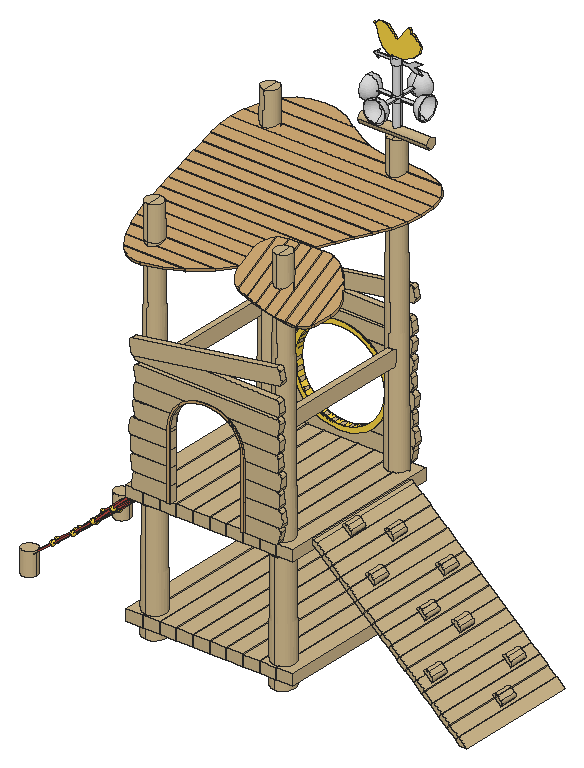
Revit family "L-FUP_놀이대_BNM-06A_예건", category 일반 모델, Revit 2019
Family settings
  보강 철근 호스트 가능 = 아니오
  원형 커넥터 치수 = 지름 사용
  부품 유형 = 보통
  작업 기준면 기반 = 아니오
  항상 수직 = 예
  로드될 때 보이드를 사용하여 절단 = 아니오
  공유 = 아니오
  룸 계산 점 = 아니오
Parameters
  한국산업규격KS = ""
  조달청표준공사코드-세부공종 = "22480925"
  건설정보분류체계-부위분류 = "E94345"
  LIM_INFO_주의사항 = "재배포, 재가공, 판매 금지"
  LIM_INFO_제품업체 = "예건"
  LIM_INFO_제품번호 = "BNM-06A"
  LIM_INFO_제품명 = "카나리아놀이대_BNM-06A"
  LIM_INFO_제작일 = "2021.12."
  LIM_INFO_재료 = "아까시 목재, P. C, P.E, Rope"
  LIM_INFO_업체정보 = ""
  LIM_INFO_업체URL = "https://yekun.com/"
  LIM_INFO_업체TEL = "(+82)31-943-6114"
  LIM_INFO_업체EMAIL = "yekun@yekun.com"
  LIM_INFO_버전 = "2022_V01"
  LIM_INFO_기타정보 = "다채로운 색깔과 지속적으로 노래하는 습성의 카나리아를 모티브로 다양한 색상과 기능을 접목하여 아이들에게 꿈과 환상의 세계를 자극할 수 있도록 디자인"
  LIM_INFO_규격 = "W4000 x D3410 x H4800 / 안전거리 : 4470 x 4470 / 한계하강높이 : H1200"
  LIM_INFO_가격 = 0
  LIM_INFO_PV_포장재여부 = yes
  LIM_INFO_PV_면적 = 0.00 m²
  KBIMS_식별-버전 = ""
  KBIMS_식별-bSK등록번호 = ""
  KBIMS_보급정보-저작자 = "림인포테크_MMJ"
  KBIMS_보급정보-보급코드 = ""
Reference planes
  plane 1 "중심(앞/뒤)": y = 0
  plane 2: z = 0
  plane 3 "중심(왼쪽/오른쪽)": x = 0
Dimensions and locks
  aligned and locked: level to plane 2
Nested families
  nested 1: "BNM-06A 카나리아_base" at (0, 0, 0), type "BNM-06A 카나리아_base"
Definition of nested family "BNM-06A 카나리아_base"
  Reference planes
    plane 1 "중심(앞/뒤)": y = 0
    plane 2: z = 0
    plane 3 "중심(왼쪽/오른쪽)": x = 0
    plane 4: z = 2150
    plane 5: x = 2314.07
    plane 6: x = 2394.07
    plane 7: z = 1150
    plane 8: y = -3479.485
    plane 9: x = -132.398
    plane 10: x = 1307.602
    plane 11: through (-835.005, 1040, 953.108) normal (0.6947, 0, 0.7193)
    plane 12: through (-823.89, 1040, 964.618) normal (0.6947, 0, 0.7193)
    plane 13: through (-634.943, 1040, 1160.278) normal (0.6947, 0, 0.7193)
    plane 14: through (-623.829, 1040, 1171.787) normal (0.6947, 0, 0.7193)
    plane 15: through (-434.882, 1040, 1367.448) normal (0.6947, 0, 0.7193)
    plane 16: through (-423.767, 1040, 1378.957) normal (0.6947, 0, 0.7193)
    plane 17: through (-234.82, 1040, 1574.618) normal (0.6947, 0, 0.7193)
    plane 18: through (-223.706, 1040, 1586.127) normal (0.6947, 0, 0.7193)
    plane 19: through (-34.758, 1040, 1781.788) normal (0.6947, 0, 0.7193)
    plane 20: through (-23.644, 1040, 1793.297) normal (0.6947, 0, 0.7193)
    plane 21: through (154.189, 1040, 1977.448) normal (0.6947, 0, 0.7193)
    plane 22: y = 1040
    plane 23: y = 780
    plane 24: y = 520
    plane 25: y = 260
    plane 26: y = 1024
    plane 27: y = 764
    plane 28: y = 520
    plane 29: y = 504
    plane 30: y = 260
    plane 31: y = 244
    plane 32: y = 16
    plane 33: y = 16
    plane 34: y = 0
  Forms (mm)
    Extrusion 1, solid, detail levels fine
      sketch origin (0, 0, 0) x (1, 0, 0) y (0, 1, 0)
        loop
          circle (-44, 1040) r 68
        loop
          circle (-44, 0) r 68
      from 0 to 200
    Revolve 2, solid, detail levels fine
      sketch origin (2350.044, -5133.459, 18716.275) x (0, 1, 0) y (0, 0, 1)
        loop
          line (6369.617, -18716.275) -> (6362.653, -17644.08) -> (6346.645, -15179.29) -> (6344.529, -14853.436) -> (6269.617, -14853.436) -> (6269.617, -18716.275) -> (6369.617, -18716.275)
        axis (6269.617, -14853.436) -> (6269.617, -18716.275)
      angle from 0 to 360
    Revolve 3, solid, detail levels fine
      sketch origin (2350.137, -5097.545, 18716.275) x (0, 1, 0) y (0, 0, 1)
        loop
          line (4859.617, -18716.275) -> (4959.617, -18716.275) -> (4959.617, -15221.275) -> (4884.674, -15221.275) -> (4882.516, -15522.309) -> (4867.279, -17647.561) -> (4859.617, -18716.275)
        axis (4959.617, -15221.275) -> (4959.617, -18716.275)
      angle from 0 to 360
    Revolve 4, solid, detail levels fine
      sketch origin (1190.137, -5097.545, 18716.275) x (0, 1, 0) y (0, 0, 1)
        loop
          line (4859.617, -18716.275) -> (4959.617, -18716.275) -> (4959.617, -15221.275) -> (4884.674, -15221.275) -> (4882.516, -15522.309) -> (4867.279, -17647.561) -> (4859.617, -18716.275)
        axis (4959.617, -15221.275) -> (4959.617, -18716.275)
      angle from 0 to 360
    Revolve 5, solid, detail levels fine
      sketch origin (1210.044, -5133.459, 18716.275) x (0, 1, 0) y (0, 0, 1)
        loop
          line (6369.617, -18716.275) -> (6362.653, -17644.08) -> (6346.645, -15179.29) -> (6344.529, -14853.436) -> (6269.617, -14853.436) -> (6269.617, -18716.275) -> (6369.617, -18716.275)
        axis (6269.617, -14853.436) -> (6269.617, -18716.275)
      angle from 0 to 360
    Extrusion 6, solid, detail levels fine
      sketch origin (0, 0, 0) x (1, 0, 0) y (0, 1, 0)
        loop
          line (1031.439, -258.275) -> (1181.439, -258.275) -> (1181.439, 1241.725) -> (1031.439, 1241.725) -> (1031.439, -258.275)
        loop
          line (2531.439, 1241.725) -> (2383.439, 1241.725) -> (2383.439, -258.275) -> (2531.439, -258.275) -> (2531.439, 1241.725)
        loop
          line (1331.439, -258.275) -> (1331.439, 1241.725) -> (1183.439, 1241.725) -> (1183.439, -258.275) -> (1331.439, -258.275)
        loop
          line (1481.439, -258.275) -> (1481.439, 1241.725) -> (1333.439, 1241.725) -> (1333.439, -258.275) -> (1481.439, -258.275)
        loop
          line (1631.439, -258.275) -> (1631.439, 1241.725) -> (1483.439, 1241.725) -> (1483.439, -258.275) -> (1631.439, -258.275)
        loop
          line (1781.439, -258.275) -> (1781.439, 1241.725) -> (1633.439, 1241.725) -> (1633.439, -258.275) -> (1781.439, -258.275)
        loop
          line (1931.439, -258.275) -> (1931.439, 1241.725) -> (1783.439, 1241.725) -> (1783.439, -258.275) -> (1931.439, -258.275)
        loop
          line (2081.439, -258.275) -> (2081.439, 1241.725) -> (1933.439, 1241.725) -> (1933.439, -258.275) -> (2081.439, -258.275)
        loop
          line (2231.439, -258.275) -> (2231.439, 1241.725) -> (2083.439, 1241.725) -> (2083.439, -258.275) -> (2231.439, -258.275)
        loop
          line (2381.439, -258.275) -> (2381.439, 1241.725) -> (2233.439, 1241.725) -> (2233.439, -258.275) -> (2381.439, -258.275)
      from 100 to 200
    Extrusion 7, solid, detail levels fine
      sketch origin (0, 0, 0) x (1, 0, 0) y (0, 1, 0)
        loop
          line (1031.439, 1241.725) -> (1031.439, -258.275) -> (1181.439, -258.275) -> (1181.439, 1241.725) -> (1031.439, 1241.725)
        loop
          line (1183.439, -258.275) -> (1331.439, -258.275) -> (1331.439, 1241.725) -> (1183.439, 1241.725) -> (1183.439, -258.275)
        loop
          line (1333.439, -258.275) -> (1481.439, -258.275) -> (1481.439, 1241.725) -> (1333.439, 1241.725) -> (1333.439, -258.275)
        loop
          line (1483.439, -258.275) -> (1631.439, -258.275) -> (1631.439, 1241.725) -> (1483.439, 1241.725) -> (1483.439, -258.275)
        loop
          line (1633.439, -258.275) -> (1781.439, -258.275) -> (1781.439, 1241.725) -> (1633.439, 1241.725) -> (1633.439, -258.275)
        loop
          line (1783.439, -258.275) -> (1931.439, -258.275) -> (1931.439, 1241.725) -> (1783.439, 1241.725) -> (1783.439, -258.275)
        loop
          line (1933.439, -258.275) -> (2081.439, -258.275) -> (2081.439, 1241.725) -> (1933.439, 1241.725) -> (1933.439, -258.275)
        loop
          line (2083.439, -258.275) -> (2231.439, -258.275) -> (2231.439, 1241.725) -> (2083.439, 1241.725) -> (2083.439, -258.275)
        loop
          line (2233.439, -258.275) -> (2381.439, -258.275) -> (2381.439, 1241.725) -> (2233.439, 1241.725) -> (2233.439, -258.275)
        loop
          line (2383.439, -258.275) -> (2531.439, -258.275) -> (2531.439, 1241.725) -> (2383.439, 1241.725) -> (2383.439, -258.275)
      from 1100 to 1200
    Extrusion 8, solid, detail levels fine
      sketch origin (-15445, 0, 17826.555) x (1, 0, 0) y (0, 0, 1)
        loop
          line (17533.123, -16386.329) -> (17533.123, -16626.555) -> (17553.123, -16626.555) -> (17553.123, -16386.329) -> (17553.123, -16026.555)
          arc (17553.123, -16026.555) -> (17459.397, -15800.281) -> (17233.123, -15706.555) r 320
          line (17233.123, -15706.555) -> (17188.111, -15706.555)
          arc (17188.111, -15706.555) -> (16961.837, -15800.281) -> (16868.111, -16026.555) r 320
          line (16868.111, -16026.555) -> (16868.111, -16385.363) -> (16868.111, -16626.555) -> (16888.111, -16626.555) -> (16888.111, -16385.363) -> (16888.111, -16026.555)
          arc (16888.111, -16026.555) -> (16975.979, -15814.423) -> (17188.111, -15726.555) r 300
          line (17188.111, -15726.555) -> (17233.123, -15726.555)
          arc (17233.123, -15726.555) -> (17445.255, -15814.423) -> (17533.123, -16026.555) r 300
          line (17533.123, -16026.555) -> (17533.123, -16386.329)
      from 215 to 285
    Extrusion 9, solid, detail levels fine
      sketch origin (-15440, 0, 17826.555) x (1, 0, 0) y (0, 0, 1)
        loop
          line (17533.123, -16626.555) -> (17826.942, -16626.555)
          arc (17826.942, -16626.555) -> (17845.873, -16619.828) -> (17856.314, -16602.662) r 30
          line (17856.314, -16602.662) -> (17872.949, -16522.662)
          arc (17872.949, -16522.662) -> (17866.849, -16497.624) -> (17843.577, -16486.555) r 30
          line (17843.577, -16486.555) -> (17533.123, -16486.555) -> (17533.123, -16626.555)
        loop
          line (17533.123, -16481.555) -> (17861.996, -16481.555)
          arc (17861.996, -16481.555) -> (17884.369, -16471.541) -> (17891.806, -16448.184) r 30
          line (17891.806, -16448.184) -> (17882.758, -16368.184)
          arc (17882.758, -16368.184) -> (17872.934, -16349.182) -> (17852.948, -16341.555) r 30
          line (17852.948, -16341.555) -> (17533.123, -16341.555) -> (17533.123, -16481.555)
        loop
          line (17533.123, -16336.555) -> (17839.693, -16336.555)
          arc (17839.693, -16336.555) -> (17861.309, -16327.358) -> (17869.671, -16305.405) r 30
          line (17869.671, -16305.405) -> (17866.603, -16225.405)
          arc (17866.603, -16225.405) -> (17857.428, -16204.939) -> (17836.625, -16196.555) r 30
          line (17836.625, -16196.555) -> (17533.123, -16196.555) -> (17533.123, -16336.555)
        loop
          line (17533.123, -16046.555) -> (17830.44, -16046.555)
          arc (17830.44, -16046.555) -> (17852.198, -16037.21) -> (17860.4, -16014.996) r 30
          line (17860.4, -16014.996) -> (17856.238, -15934.996)
          arc (17856.238, -15934.996) -> (17846.933, -15914.798) -> (17826.278, -15906.555) r 30
          line (17826.278, -15906.555) -> (17508.077, -15906.555)
          arc (17508.077, -15906.555) -> (17526.795, -15965.262) -> (17533.123, -16026.555) r 300
          line (17533.123, -16026.555) -> (17533.123, -16046.555)
        loop
          line (17533.123, -16191.555) -> (17849.358, -16191.555)
          arc (17849.358, -16191.555) -> (17869.829, -16183.485) -> (17879.287, -16163.618) r 30
          line (17879.287, -16163.618) -> (17884.8, -16083.618)
          arc (17884.8, -16083.618) -> (17876.802, -16061.084) -> (17854.871, -16051.555) r 30
          line (17854.871, -16051.555) -> (17533.123, -16051.555) -> (17533.123, -16191.555)
        loop
          line (17505.841, -15901.555) -> (17832.856, -15901.555)
          arc (17832.856, -15901.555) -> (17853.211, -15893.593) -> (17862.762, -15873.933) r 30
          line (17862.762, -15873.933) -> (17869.123, -15793.933)
          arc (17869.123, -15793.933) -> (17861.256, -15771.2) -> (17839.218, -15761.555) r 30
          line (17839.218, -15761.555) -> (17373.747, -15761.555)
          arc (17373.747, -15761.555) -> (17451.326, -15820.674) -> (17505.841, -15901.555) r 300
        loop
          line (17363.89, -15756.555) -> (17826.438, -15756.555)
          arc (17826.438, -15756.555) -> (17846.025, -15749.278) -> (17856.11, -15730.978) r 30
          line (17856.11, -15730.978) -> (17868.035, -15650.978)
          arc (17868.035, -15650.978) -> (17861.085, -15626.968) -> (17838.362, -15616.555) r 30
          line (17838.362, -15616.555) -> (16586.843, -15616.555)
          arc (16586.843, -15616.555) -> (16564.197, -15626.879) -> (16557.137, -15650.744) r 30
          line (16557.137, -15650.744) -> (16568.418, -15730.744)
          arc (16568.418, -15730.744) -> (16578.448, -15749.201) -> (16598.124, -15756.555) r 30
          line (16598.124, -15756.555) -> (17057.344, -15756.555)
          arc (17057.344, -15756.555) -> (17121.029, -15734.151) -> (17188.111, -15726.555) r 300
          line (17188.111, -15726.555) -> (17233.123, -15726.555)
          arc (17233.123, -15726.555) -> (17300.205, -15734.151) -> (17363.89, -15756.555) r 300
        loop
          line (17047.488, -15761.555) -> (16587.726, -15761.555)
          arc (16587.726, -15761.555) -> (16567.202, -15769.675) -> (16557.787, -15789.638) r 30
          line (16557.787, -15789.638) -> (16552.665, -15869.638)
          arc (16552.665, -15869.638) -> (16560.723, -15892.079) -> (16582.604, -15901.555) r 30
          line (16582.604, -15901.555) -> (16915.394, -15901.555)
          arc (16915.394, -15901.555) -> (16969.908, -15820.674) -> (17047.488, -15761.555) r 300
        loop
          line (16913.157, -15906.555) -> (16572.981, -15906.555)
          arc (16572.981, -15906.555) -> (16549.738, -15917.588) -> (16543.591, -15942.571) r 30
          line (16543.591, -15942.571) -> (16559.965, -16022.571)
          arc (16559.965, -16022.571) -> (16570.388, -16039.798) -> (16589.356, -16046.555) r 30
          line (16589.356, -16046.555) -> (16888.111, -16046.555) -> (16888.111, -16026.555)
          arc (16888.111, -16026.555) -> (16894.439, -15965.262) -> (16913.157, -15906.555) r 300
        loop
          line (16888.111, -16051.555) -> (16551.33, -16051.555)
          arc (16551.33, -16051.555) -> (16531.34, -16059.185) -> (16521.519, -16078.195) r 30
          line (16521.519, -16078.195) -> (16512.501, -16158.195)
          arc (16512.501, -16158.195) -> (16519.943, -16181.545) -> (16542.312, -16191.555) r 30
          line (16542.312, -16191.555) -> (16888.111, -16191.555) -> (16888.111, -16051.555)
        loop
          line (16888.111, -16196.555) -> (16556.284, -16196.555)
          arc (16556.284, -16196.555) -> (16534.909, -16205.505) -> (16526.287, -16227.015) r 30
          line (16526.287, -16227.015) -> (16527.514, -16307.015)
          arc (16527.514, -16307.015) -> (16536.46, -16327.93) -> (16557.51, -16336.555) r 30
          line (16557.51, -16336.555) -> (16888.111, -16336.555) -> (16888.111, -16196.555)
        loop
          line (16888.111, -16341.555) -> (16555.526, -16341.555)
          arc (16555.526, -16341.555) -> (16533.267, -16351.442) -> (16525.68, -16374.587) r 30
          line (16525.68, -16374.587) -> (16533.806, -16454.587)
          arc (16533.806, -16454.587) -> (16543.539, -16473.814) -> (16563.652, -16481.555) r 30
          line (16563.652, -16481.555) -> (16888.111, -16481.555) -> (16888.111, -16341.555)
        loop
          line (16888.111, -16486.555) -> (16576.482, -16486.555)
          arc (16576.482, -16486.555) -> (16557.313, -16493.478) -> (16546.991, -16511.052) r 30
          line (16546.991, -16511.052) -> (16532.063, -16591.052)
          arc (16532.063, -16591.052) -> (16538.477, -16615.724) -> (16561.554, -16626.555) r 30
          line (16561.554, -16626.555) -> (16888.111, -16626.555) -> (16888.111, -16486.555)
      from 225 to 275
    Extrusion 10, solid, detail levels fine
      sketch origin (-15440, 0, 17840) x (1, 0, 0) y (0, 0, 1)
        loop
          arc (16605.973, -15455.323) -> (16585.713, -15461.517) -> (16572.38, -15477.982) r 36.232
          line (16572.38, -15477.982) -> (16556.556, -15559.381)
          arc (16556.556, -15559.381) -> (16562.749, -15584.058) -> (16585.668, -15595.104) r 30
          line (16585.668, -15595.104) -> (17840.02, -15609.207)
          arc (17840.02, -15609.207) -> (17862.409, -15599.549) -> (17870.231, -15576.454) r 30
          line (17870.231, -15576.454) -> (17862.846, -15496.366)
          arc (17862.846, -15496.366) -> (17853.313, -15477.069) -> (17833.31, -15469.123) r 30
          line (17833.31, -15469.123) -> (16605.973, -15455.323)
      from 225 to 275
    Extrusion 11, solid, detail levels fine
      sketch origin (-15418.247, -625.431, 17840) x (0.999391, 0.034899, 0) y (0, 0, 1)
        loop
          line (17816.899, -15214.062) -> (16562.034, -15393.458)
          arc (16562.034, -15393.458) -> (16542.477, -15404.896) -> (16536.495, -15426.748) r 30
          line (16536.495, -15426.748) -> (16546.075, -15506.192)
          arc (16546.075, -15506.192) -> (16557.599, -15526.403) -> (16580.105, -15532.298) r 30
          line (16580.105, -15532.298) -> (17838.239, -15352.434)
          arc (17838.239, -15352.434) -> (17858.168, -15340.501) -> (17863.604, -15317.919) r 30
          line (17863.604, -15317.919) -> (17850.755, -15238.942)
          arc (17850.755, -15238.942) -> (17838.91, -15219.585) -> (17816.899, -15214.062) r 30
      from 225 to 275
    Extrusion 12, solid, detail levels fine
      sketch origin (0, 3500, 18700) x (0, 1, 0) y (0, 0, 1)
        loop
          line (-3118.154, -16646.275) -> (-2470.456, -16646.275)
          arc (-2470.456, -16646.275) -> (-2450.869, -16638.998) -> (-2440.784, -16620.697) r 30
          line (-2440.784, -16620.697) -> (-2428.859, -16540.697)
          arc (-2428.859, -16540.697) -> (-2435.808, -16516.687) -> (-2458.532, -16506.275) r 30
          line (-2458.532, -16506.275) -> (-3549.618, -16506.275)
          arc (-3549.618, -16506.275) -> (-3572.264, -16516.598) -> (-3579.324, -16540.464) r 30
          line (-3579.324, -16540.464) -> (-3568.043, -16620.464)
          arc (-3568.043, -16620.464) -> (-3558.013, -16638.92) -> (-3538.337, -16646.275) r 30
          line (-3538.337, -16646.275) -> (-3118.154, -16646.275)
      from 1150 to 1200
    Extrusion 13, solid, detail levels fine
      sketch origin (0, 3500, 18700) x (0, 1, 0) y (0, 0, 1)
        loop
          line (-3118.154, -16646.275) -> (-2470.456, -16646.275)
          arc (-2470.456, -16646.275) -> (-2450.869, -16638.998) -> (-2440.784, -16620.697) r 30
          line (-2440.784, -16620.697) -> (-2428.859, -16540.697)
          arc (-2428.859, -16540.697) -> (-2435.808, -16516.687) -> (-2458.532, -16506.275) r 30
          line (-2458.532, -16506.275) -> (-3549.618, -16506.275)
          arc (-3549.618, -16506.275) -> (-3572.264, -16516.598) -> (-3579.324, -16540.464) r 30
          line (-3579.324, -16540.464) -> (-3568.043, -16620.464)
          arc (-3568.043, -16620.464) -> (-3558.013, -16638.92) -> (-3538.337, -16646.275) r 30
          line (-3538.337, -16646.275) -> (-3118.154, -16646.275)
      from 2350 to 2400
    Extrusion 14, solid, detail levels fine
      sketch origin (-15395.172, 0, 17826.555) x (1, 0, 0) y (0, 0, 1)
        loop
          line (18570.389, -17167.959) -> (18496.532, -17103.545) -> (18470.241, -17133.691) -> (18544.098, -17198.104) -> (18570.389, -17167.959)
        loop
          line (18495.025, -17102.23) -> (18421.167, -17037.817) -> (18394.876, -17067.963) -> (18468.733, -17132.376) -> (18495.025, -17102.23)
        loop
          line (18044.345, -16709.176) -> (18018.054, -16739.322) -> (18091.911, -16803.735) -> (18118.202, -16773.59) -> (18044.345, -16709.176)
        loop
          line (18119.71, -16774.904) -> (18093.418, -16805.05) -> (18167.275, -16869.464) -> (18193.567, -16839.318) -> (18119.71, -16774.904)
        loop
          line (18195.074, -16840.632) -> (18168.783, -16870.778) -> (18242.64, -16935.192) -> (18268.931, -16905.046) -> (18195.074, -16840.632)
        loop
          line (18042.838, -16707.861) -> (17972.284, -16646.329) -> (17949.611, -16626.555) -> (17926.611, -16626.555) -> (17926.611, -16659.571) -> (17946.613, -16677.016) -> (18016.547, -16738.007) -> (18042.838, -16707.861)
        loop
          line (18344.296, -16970.774) -> (18270.439, -16906.36) -> (18244.147, -16936.506) -> (18318.004, -17000.92) -> (18344.296, -16970.774)
        loop
          line (18419.66, -17036.502) -> (18345.803, -16972.089) -> (18319.512, -17002.234) -> (18393.369, -17066.648) -> (18419.66, -17036.502)
        loop
          line (18571.896, -17169.273) -> (18545.605, -17199.419) -> (18619.462, -17263.833) -> (18645.754, -17233.687) -> (18571.896, -17169.273)
        loop
          line (18647.261, -17235.001) -> (18620.97, -17265.147) -> (18694.827, -17329.561) -> (18721.118, -17299.415) -> (18647.261, -17235.001)
        loop
          line (18722.625, -17300.73) -> (18696.334, -17330.875) -> (18770.191, -17395.289) -> (18796.483, -17365.143) -> (18722.625, -17300.73)
        loop
          line (18797.99, -17366.458) -> (18771.699, -17396.604) -> (18845.556, -17461.017) -> (18871.847, -17430.871) -> (18797.99, -17366.458)
        loop
          line (18873.354, -17432.186) -> (18847.063, -17462.332) -> (18920.92, -17526.745) -> (18947.212, -17496.6) -> (18873.354, -17432.186)
        loop
          line (18948.719, -17497.914) -> (18922.428, -17528.06) -> (18996.285, -17592.474) -> (19022.576, -17562.328) -> (18948.719, -17497.914)
        loop
          line (18997.792, -17593.788) -> (19071.649, -17658.202) -> (19097.941, -17628.056) -> (19024.083, -17563.642) -> (18997.792, -17593.788)
        loop
          line (19099.448, -17629.371) -> (19073.157, -17659.516) -> (19147.014, -17723.93) -> (19173.305, -17693.784) -> (19099.448, -17629.371)
        loop
          line (19174.812, -17695.099) -> (19148.521, -17725.244) -> (19222.378, -17789.658) -> (19248.67, -17759.512) -> (19174.812, -17695.099)
        loop
          line (19325.541, -17826.555) -> (19250.177, -17760.827) -> (19223.886, -17790.973) -> (19264.685, -17826.555) -> (19325.541, -17826.555)
      from -1050 to 50
    Extrusion 15, solid, detail levels fine
      sketch origin (-15438.851, 0, 17864.649) x (1, 0, 0) y (0, 0, 1)
        loop
          arc (18088.6, -16734.504) -> (18095.921, -16712.741) -> (18085.709, -16692.176) r 30
          line (18085.709, -16692.176) -> (18055.563, -16665.884)
          arc (18055.563, -16665.884) -> (18033.801, -16658.564) -> (18013.236, -16668.775) r 30
          line (18013.236, -16668.775) -> (18006.663, -16676.312) -> (18082.027, -16742.04) -> (18088.6, -16734.504)
      from -250 to -400
    Extrusion 16, solid, detail levels fine
      sketch origin (-15452.739, 0, 17876.761) x (1, 0, 0) y (0, 0, 1)
        loop
          line (18236.438, -16823.632) -> (18206.292, -16797.341)
          arc (18206.292, -16797.341) -> (18184.53, -16790.02) -> (18163.965, -16800.232) r 30
          line (18163.965, -16800.232) -> (18157.392, -16807.768) -> (18232.756, -16873.496) -> (18239.329, -16865.96)
          arc (18239.329, -16865.96) -> (18246.65, -16844.197) -> (18236.438, -16823.632) r 30
      from -550 to -700
    Extrusion 17, solid, detail levels fine
      sketch origin (-15452.739, 0, 17876.761) x (1, 0, 0) y (0, 0, 1)
        loop
          line (18387.167, -16955.088) -> (18357.021, -16928.797)
          arc (18357.021, -16928.797) -> (18335.259, -16921.476) -> (18314.694, -16931.688) r 30
          line (18314.694, -16931.688) -> (18308.121, -16939.225) -> (18383.485, -17004.953) -> (18390.058, -16997.416)
          arc (18390.058, -16997.416) -> (18397.379, -16975.654) -> (18387.167, -16955.088) r 30
      from -150 to -300
    Extrusion 18, solid, detail levels fine
      sketch origin (-15452.739, 0, 17876.761) x (1, 0, 0) y (0, 0, 1)
        loop
          arc (18507.75, -17060.254) -> (18485.988, -17052.933) -> (18465.423, -17063.144) r 30
          line (18465.423, -17063.144) -> (18458.85, -17070.681) -> (18534.214, -17136.409) -> (18540.787, -17128.873)
          arc (18540.787, -17128.873) -> (18548.108, -17107.11) -> (18537.896, -17086.545) r 30
          line (18537.896, -17086.545) -> (18507.75, -17060.254)
      from -750 to -900
    Extrusion 19, solid, detail levels fine
      sketch origin (-15452.739, 0, 17876.761) x (1, 0, 0) y (0, 0, 1)
        loop
          arc (18658.479, -17191.71) -> (18636.717, -17184.389) -> (18616.152, -17194.601) r 30
          line (18616.152, -17194.601) -> (18609.579, -17202.137) -> (18684.943, -17267.865) -> (18691.516, -17260.329)
          arc (18691.516, -17260.329) -> (18698.837, -17238.566) -> (18688.625, -17218.001) r 30
          line (18688.625, -17218.001) -> (18658.479, -17191.71)
      from -350 to -500
    Extrusion 20, solid, detail levels fine
      sketch origin (-15452.739, 0, 17876.761) x (1, 0, 0) y (0, 0, 1)
        loop
          arc (18842.245, -17391.785) -> (18849.566, -17370.023) -> (18839.354, -17349.458) r 30
          line (18839.354, -17349.458) -> (18809.208, -17323.166)
          arc (18809.208, -17323.166) -> (18787.446, -17315.845) -> (18766.88, -17326.057) r 30
          line (18766.88, -17326.057) -> (18760.308, -17333.594) -> (18835.672, -17399.322) -> (18842.245, -17391.785)
      from -550 to -700
    Extrusion 21, solid, detail levels fine
      sketch origin (-15452.739, 0, 17876.761) x (1, 0, 0) y (0, 0, 1)
        loop
          arc (18959.937, -17454.623) -> (18938.175, -17447.302) -> (18917.609, -17457.514) r 30
          line (18917.609, -17457.514) -> (18911.037, -17465.05) -> (18986.401, -17530.778) -> (18992.974, -17523.242)
          arc (18992.974, -17523.242) -> (19000.295, -17501.479) -> (18990.083, -17480.914) r 30
          line (18990.083, -17480.914) -> (18959.937, -17454.623)
      from -50 to -200
    Extrusion 22, solid, detail levels fine
      sketch origin (-15452.739, 0, 17876.761) x (1, 0, 0) y (0, 0, 1)
        loop
          arc (19143.703, -17654.698) -> (19151.024, -17632.936) -> (19140.812, -17612.37) r 30
          line (19140.812, -17612.37) -> (19110.666, -17586.079)
          arc (19110.666, -17586.079) -> (19088.904, -17578.758) -> (19068.338, -17588.97) r 30
          line (19068.338, -17588.97) -> (19061.766, -17596.506) -> (19137.13, -17662.235) -> (19143.703, -17654.698)
      from -750 to -900
    Extrusion 23, solid, detail levels fine
      sketch origin (-15452.739, 0, 17876.761) x (1, 0, 0) y (0, 0, 1)
        loop
          arc (19261.395, -17717.535) -> (19239.633, -17710.215) -> (19219.067, -17720.426) r 30
          line (19219.067, -17720.426) -> (19212.495, -17727.963) -> (19287.859, -17793.691) -> (19294.432, -17786.155)
          arc (19294.432, -17786.155) -> (19301.753, -17764.392) -> (19291.541, -17743.827) r 30
          line (19291.541, -17743.827) -> (19261.395, -17717.535)
      from -450 to -600
    Extrusion 24, solid, detail levels fine
      sketch origin (-15436.293, 0, 17826.555) x (1, 0, 0) y (0, 0, 1)
        loop
          line (17360.059, -15756.555) -> (17826.438, -15756.555)
          arc (17826.438, -15756.555) -> (17846.025, -15749.278) -> (17856.11, -15730.978) r 30
          line (17856.11, -15730.978) -> (17868.035, -15650.978)
          arc (17868.035, -15650.978) -> (17861.085, -15626.968) -> (17838.362, -15616.555) r 30
          line (17838.362, -15616.555) -> (16586.843, -15616.555)
          arc (16586.843, -15616.555) -> (16564.197, -15626.879) -> (16557.137, -15650.744) r 30
          line (16557.137, -15650.744) -> (16568.418, -15730.744)
          arc (16568.418, -15730.744) -> (16578.448, -15749.201) -> (16598.124, -15756.555) r 30
          line (16598.124, -15756.555) -> (17057.344, -15756.555) -> (17071.604, -15756.555)
          arc (17071.604, -15756.555) -> (17215.832, -15729.648) -> (17360.059, -15756.555) r 400
        loop
          line (17047.488, -15761.555) -> (16587.726, -15761.555)
          arc (16587.726, -15761.555) -> (16567.202, -15769.675) -> (16557.787, -15789.638) r 30
          line (16557.787, -15789.638) -> (16552.665, -15869.638)
          arc (16552.665, -15869.638) -> (16560.723, -15892.079) -> (16582.604, -15901.555) r 30
          line (16582.604, -15901.555) -> (16887.238, -15901.555)
          arc (16887.238, -15901.555) -> (16963.362, -15819.391) -> (17059.283, -15761.555) r 400
          line (17059.283, -15761.555) -> (17047.488, -15761.555)
        loop
          line (17544.425, -15901.555) -> (17832.856, -15901.555)
          arc (17832.856, -15901.555) -> (17853.211, -15893.593) -> (17862.762, -15873.933) r 30
          line (17862.762, -15873.933) -> (17869.123, -15793.933)
          arc (17869.123, -15793.933) -> (17861.256, -15771.2) -> (17839.218, -15761.555) r 30
          line (17839.218, -15761.555) -> (17372.38, -15761.555)
          arc (17372.38, -15761.555) -> (17468.301, -15819.391) -> (17544.425, -15901.555) r 400
        loop
          line (17611.012, -16191.555) -> (17849.358, -16191.555)
          arc (17849.358, -16191.555) -> (17869.829, -16183.485) -> (17879.287, -16163.618) r 30
          line (17879.287, -16163.618) -> (17884.8, -16083.618)
          arc (17884.8, -16083.618) -> (17876.802, -16061.084) -> (17854.871, -16051.555) r 30
          line (17854.871, -16051.555) -> (17608.134, -16051.555)
          arc (17608.134, -16051.555) -> (17615.747, -16121.428) -> (17611.012, -16191.555) r 400
        loop
          line (17607.106, -16046.555) -> (17830.44, -16046.555)
          arc (17830.44, -16046.555) -> (17852.198, -16037.21) -> (17860.4, -16014.996) r 30
          line (17860.4, -16014.996) -> (17856.238, -15934.996)
          arc (17856.238, -15934.996) -> (17846.933, -15914.798) -> (17826.278, -15906.555) r 30
          line (17826.278, -15906.555) -> (17547.84, -15906.555)
          arc (17547.84, -15906.555) -> (17584.185, -15973.714) -> (17607.106, -16046.555) r 400
        loop
          line (17558.161, -16336.555) -> (17839.693, -16336.555)
          arc (17839.693, -16336.555) -> (17861.309, -16327.358) -> (17869.671, -16305.405) r 30
          line (17869.671, -16305.405) -> (17866.603, -16225.405)
          arc (17866.603, -16225.405) -> (17857.428, -16204.939) -> (17836.625, -16196.555) r 30
          line (17836.625, -16196.555) -> (17610.196, -16196.555)
          arc (17610.196, -16196.555) -> (17590.771, -16269.005) -> (17558.161, -16336.555) r 400
        loop
          line (17405.993, -16481.555) -> (17861.996, -16481.555)
          arc (17861.996, -16481.555) -> (17884.369, -16471.541) -> (17891.806, -16448.184) r 30
          line (17891.806, -16448.184) -> (17882.758, -16368.184)
          arc (17882.758, -16368.184) -> (17872.934, -16349.182) -> (17852.948, -16341.555) r 30
          line (17852.948, -16341.555) -> (17555.089, -16341.555)
          arc (17555.089, -16341.555) -> (17489.64, -16421.245) -> (17405.993, -16481.555) r 400
        loop
          line (17241.426, -16626.555) -> (17826.942, -16626.555)
          arc (17826.942, -16626.555) -> (17845.873, -16619.828) -> (17856.314, -16602.662) r 30
          line (17856.314, -16602.662) -> (17872.949, -16522.662)
          arc (17872.949, -16522.662) -> (17866.849, -16497.624) -> (17843.577, -16486.555) r 30
          line (17843.577, -16486.555) -> (17396.435, -16486.555)
          arc (17396.435, -16486.555) -> (17215.832, -16529.648) -> (17035.228, -16486.555) r 400
          line (17035.228, -16486.555) -> (16576.482, -16486.555)
          arc (16576.482, -16486.555) -> (16557.313, -16493.478) -> (16546.991, -16511.052) r 30
          line (16546.991, -16511.052) -> (16532.063, -16591.052)
          arc (16532.063, -16591.052) -> (16538.477, -16615.724) -> (16561.554, -16626.555) r 30
          line (16561.554, -16626.555) -> (17241.426, -16626.555)
        loop
          line (16876.574, -16341.555) -> (16555.526, -16341.555)
          arc (16555.526, -16341.555) -> (16533.267, -16351.442) -> (16525.68, -16374.587) r 30
          line (16525.68, -16374.587) -> (16533.806, -16454.587)
          arc (16533.806, -16454.587) -> (16543.539, -16473.814) -> (16563.652, -16481.555) r 30
          line (16563.652, -16481.555) -> (17025.67, -16481.555)
          arc (17025.67, -16481.555) -> (16942.023, -16421.245) -> (16876.574, -16341.555) r 400
        loop
          line (16823.529, -16051.555) -> (16551.33, -16051.555)
          arc (16551.33, -16051.555) -> (16531.34, -16059.185) -> (16521.519, -16078.195) r 30
          line (16521.519, -16078.195) -> (16512.501, -16158.195)
          arc (16512.501, -16158.195) -> (16519.943, -16181.545) -> (16542.312, -16191.555) r 30
          line (16542.312, -16191.555) -> (16820.651, -16191.555)
          arc (16820.651, -16191.555) -> (16815.916, -16121.428) -> (16823.529, -16051.555) r 400
        loop
          line (16821.467, -16196.555) -> (16556.284, -16196.555)
          arc (16556.284, -16196.555) -> (16534.909, -16205.505) -> (16526.287, -16227.015) r 30
          line (16526.287, -16227.015) -> (16527.514, -16307.015)
          arc (16527.514, -16307.015) -> (16536.46, -16327.93) -> (16557.51, -16336.555) r 30
          line (16557.51, -16336.555) -> (16873.502, -16336.555)
          arc (16873.502, -16336.555) -> (16840.892, -16269.005) -> (16821.467, -16196.555) r 400
        loop
          line (16883.823, -15906.555) -> (16572.981, -15906.555)
          arc (16572.981, -15906.555) -> (16549.738, -15917.588) -> (16543.591, -15942.571) r 30
          line (16543.591, -15942.571) -> (16559.965, -16022.571)
          arc (16559.965, -16022.571) -> (16570.388, -16039.798) -> (16589.356, -16046.555) r 30
          line (16589.356, -16046.555) -> (16824.557, -16046.555)
          arc (16824.557, -16046.555) -> (16847.478, -15973.714) -> (16883.823, -15906.555) r 400
      from -1220 to -1270
    Extrusion 25, solid, detail levels fine
      sketch origin (-15436.442, 0, 17826.715) x (1, 0, 0) y (0, 0, 1)
        loop
          circle (17215.981, -16129.808) r 400
        loop
          circle (17215.981, -16129.808) r 440
      from -1210 to -1280
    Extrusion 26, solid, detail levels fine
      sketch origin (-15440, 0, 17840) x (1, 0, 0) y (0, 0, 1)
        loop
          arc (16605.973, -15455.323) -> (16585.713, -15461.517) -> (16572.38, -15477.982) r 36.232
          line (16572.38, -15477.982) -> (16556.556, -15559.381)
          arc (16556.556, -15559.381) -> (16562.749, -15584.058) -> (16585.668, -15595.104) r 30
          line (16585.668, -15595.104) -> (17840.02, -15609.207)
          arc (17840.02, -15609.207) -> (17862.409, -15599.549) -> (17870.231, -15576.454) r 30
          line (17870.231, -15576.454) -> (17862.846, -15496.366)
          arc (17862.846, -15496.366) -> (17853.313, -15477.069) -> (17833.31, -15469.123) r 30
          line (17833.31, -15469.123) -> (16605.973, -15455.323)
      from -1220 to -1270
    Extrusion 27, solid, detail levels fine
      sketch origin (-15373.274, -623.861, 17840) x (0.999391, 0.034899, 0) y (0, 0, 1)
        loop
          line (17816.899, -15214.062) -> (16562.034, -15393.458)
          arc (16562.034, -15393.458) -> (16542.477, -15404.896) -> (16536.495, -15426.748) r 30
          line (16536.495, -15426.748) -> (16546.075, -15506.192)
          arc (16546.075, -15506.192) -> (16557.599, -15526.403) -> (16580.105, -15532.298) r 30
          line (16580.105, -15532.298) -> (17838.239, -15352.434)
          arc (17838.239, -15352.434) -> (17858.168, -15340.501) -> (17863.604, -15317.919) r 30
          line (17863.604, -15317.919) -> (17850.755, -15238.942)
          arc (17850.755, -15238.942) -> (17838.91, -15219.585) -> (17816.899, -15214.062) r 30
      from -1240 to -1290
    Extrusion 28, solid, detail levels fine
      sketch origin (-857.91, -3587.471, -1473.992) x (1, 0, 0) y (0, 0.953191, 0.30237)
        loop
          arc (2539.117, 6305.9) -> (2264.423, 6343.493) -> (2006.184, 6242.587) r 551.141
          line (2006.184, 6242.587) -> (2656.363, 6242.587)
          arc (2656.363, 6242.587) -> (2597.486, 6273.773) -> (2539.117, 6305.9) r 4150.77
        loop
          arc (2003.44, 6240.587) -> (1978.087, 6220.824) -> (1953.928, 6199.618) r 551.141
          arc (1953.928, 6199.618) -> (1926.07, 6171.967) -> (1900.041, 6142.587) r 612.002
          line (1900.041, 6142.587) -> (2877.615, 6142.587)
          arc (2877.615, 6142.587) -> (2831.395, 6158.518) -> (2786.494, 6177.857) r 654.141
          arc (2786.494, 6177.857) -> (2723.09, 6208.686) -> (2660.218, 6240.587) r 4150.77
          line (2660.218, 6240.587) -> (2003.44, 6240.587)
        loop
          arc (2953.127, 6124.494) -> (2918.514, 6131.611) -> (2884.337, 6140.587) r 654.141
          line (2884.337, 6140.587) -> (1898.388, 6140.587)
          arc (1898.388, 6140.587) -> (1863.066, 6093.18) -> (1832.483, 6042.587) r 612.002
          line (1832.483, 6042.587) -> (3595.982, 6042.587)
          arc (3595.982, 6042.587) -> (3576.511, 6053.645) -> (3555.883, 6062.355) r 191.548
          arc (3555.883, 6062.355) -> (3552.498, 6063.643) -> (3549.105, 6064.914) r 730.583
          arc (3549.105, 6064.914) -> (3473.221, 6088.525) -> (3395.222, 6103.754) r 730.583
          arc (3395.222, 6103.754) -> (3346.957, 6108.849) -> (3298.461, 6110.729) r 730.583
          arc (3298.461, 6110.729) -> (3196.389, 6119.768) -> (3094.03, 6114.95) r 757.546
          arc (3094.03, 6114.95) -> (3023.32, 6115.908) -> (2953.127, 6124.494) r 654.141
        loop
          arc (3673.472, 5942.587) -> (3644.324, 5997.731) -> (3599.005, 6040.587) r 191.548
          line (3599.005, 6040.587) -> (1831.407, 6040.587)
          arc (1831.407, 6040.587) -> (1808.293, 5992.502) -> (1789.454, 5942.587) r 612.002
          line (1789.454, 5942.587) -> (3673.472, 5942.587)
        loop
          arc (3679.294, 5842.587) -> (3683.094, 5891.923) -> (3674.129, 5940.587) r 191.548
          line (3674.129, 5940.587) -> (1788.801, 5940.587)
          arc (1788.801, 5940.587) -> (1775.232, 5892.063) -> (1765.701, 5842.587) r 612.002
          line (1765.701, 5842.587) -> (3679.294, 5842.587)
        loop
          arc (3650.057, 5742.587) -> (3666.206, 5791.074) -> (3678.864, 5840.587) r 718.052
          line (3678.864, 5840.587) -> (1765.404, 5840.587)
          arc (1765.404, 5840.587) -> (1763.035, 5822.609) -> (1761.2, 5804.568) r 612.002
          line (1761.2, 5804.568) -> (1761.571, 5742.587) -> (3650.057, 5742.587)
        loop
          arc (3603.722, 5642.587) -> (3628.361, 5690.728) -> (3649.308, 5740.587) r 718.052
          line (3649.308, 5740.587) -> (1761.583, 5740.587) -> (1762.17, 5642.587) -> (3603.722, 5642.587)
        loop
          arc (3536.054, 5542.587) -> (3571.35, 5590.212) -> (3602.597, 5640.587) r 718.052
          line (3602.597, 5640.587) -> (1762.182, 5640.587) -> (1762.769, 5542.587) -> (3536.054, 5542.587)
        loop
          arc (3470.105, 5471.329) -> (3503.41, 5504.898) -> (3534.434, 5540.587) r 718.052
          line (3534.434, 5540.587) -> (1762.781, 5540.587) -> (1763.368, 5442.587) -> (3443.138, 5442.587) -> (3470.105, 5471.329)
        loop
          line (3349.333, 5342.587) -> (3441.262, 5440.587) -> (1763.38, 5440.587) -> (1763.967, 5342.587) -> (3349.333, 5342.587)
        loop
          line (3255.552, 5242.587) -> (3347.457, 5340.587) -> (1763.979, 5340.587) -> (1764.566, 5242.587) -> (3255.552, 5242.587)
        loop
          line (3161.794, 5142.587) -> (3253.676, 5240.587) -> (1764.578, 5240.587) -> (1765.165, 5142.587) -> (3161.794, 5142.587)
        loop
          line (3068.061, 5042.587) -> (3159.919, 5140.587) -> (1765.177, 5140.587) -> (1765.764, 5042.587) -> (3068.061, 5042.587)
        loop
          arc (2640.606, 4642.587) -> (2710.579, 4689.375) -> (2777.383, 4740.587) r 1302.205
          line (2777.383, 4740.587) -> (1800.191, 4740.587)
          arc (1800.191, 4740.587) -> (1816.701, 4691.021) -> (1836.285, 4642.587) r 833.341
          line (1836.285, 4642.587) -> (2640.606, 4642.587)
        loop
          line (2878.789, 4840.587) -> (1776.929, 4840.587)
          arc (1776.929, 4840.587) -> (1786.783, 4791.244) -> (1799.596, 4742.587) r 833.341
          line (1799.596, 4742.587) -> (2779.818, 4742.587)
          arc (2779.818, 4742.587) -> (2797.921, 4757.768) -> (2815.746, 4773.276) r 1302.205
          line (2815.746, 4773.276) -> (2878.789, 4840.587)
        loop
          line (2880.663, 4842.587) -> (2972.45, 4940.587) -> (1766.235, 4940.587)
          arc (1766.235, 4940.587) -> (1769.965, 4891.433) -> (1776.595, 4842.587) r 833.341
          line (1776.595, 4842.587) -> (2880.663, 4842.587)
        loop
          arc (2445.01, 4542.587) -> (2543.232, 4587.593) -> (2637.385, 4640.587) r 1302.205
          line (2637.385, 4640.587) -> (1837.171, 4640.587)
          arc (1837.171, 4640.587) -> (1861.346, 4590.728) -> (1888.781, 4542.587) r 833.341
          line (1888.781, 4542.587) -> (2445.01, 4542.587)
        loop
          arc (2103.826, 4454.575) -> (2274.837, 4486.327) -> (2440.09, 4540.587) r 1302.205
          line (2440.09, 4540.587) -> (1890.014, 4540.587) -> (1890.562, 4539.703)
          arc (1890.562, 4539.703) -> (1985.626, 4468.159) -> (2103.826, 4454.575) r 226.832
        loop
          line (2974.341, 4942.587) -> (3066.187, 5040.587) -> (1765.776, 5040.587) -> (1765.954, 5010.819)
          arc (1765.954, 5010.819) -> (1765.351, 4976.701) -> (1766.145, 4942.587) r 833.341
          line (1766.145, 4942.587) -> (2974.341, 4942.587)
      from 3380 to 3400
    Extrusion 29, solid, detail levels fine
      sketch origin (-860.356, -2754.853, -1853.415) x (1, 0, 0) y (0, 0.880643, 0.473781)
        loop
          arc (3726.94, 4750.619) -> (3689.737, 4816.118) -> (3646.795, 4878.007) r 836.875
          line (3646.795, 4878.007) -> (3646.795, 4468.642)
          arc (3646.795, 4468.642) -> (3653.999, 4475.05) -> (3660.908, 4481.776) r 214.372
          line (3660.908, 4481.776) -> (3727.796, 4592.751)
          arc (3727.796, 4592.751) -> (3744.883, 4671.78) -> (3726.94, 4750.619) r 186.63
        loop
          line (3546.795, 4985.896) -> (3546.795, 4421.156)
          arc (3546.795, 4421.156) -> (3598.732, 4437.776) -> (3644.795, 4466.963) r 214.372
          line (3644.795, 4466.963) -> (3644.795, 4880.618)
          arc (3644.795, 4880.618) -> (3622.402, 4908.485) -> (3598.84, 4935.37) r 836.875
          arc (3598.84, 4935.37) -> (3574.312, 4962.172) -> (3546.795, 4985.896) r 307.69
        loop
          line (3446.795, 5036.596) -> (3446.795, 4421.331)
          arc (3446.795, 4421.331) -> (3474.774, 4419.306) -> (3502.779, 4417.671) r 2009.398
          arc (3502.779, 4417.671) -> (3523.864, 4418.2) -> (3544.795, 4420.798) r 214.372
          line (3544.795, 4420.798) -> (3544.795, 4987.412)
          arc (3544.795, 4987.412) -> (3498.004, 5016.405) -> (3446.795, 5036.596) r 307.69
        loop
          line (3346.795, 5048.813) -> (3346.795, 4431.794)
          arc (3346.795, 4431.794) -> (3395.732, 4426.041) -> (3444.795, 4421.491) r 2009.398
          line (3444.795, 4421.491) -> (3444.795, 5037.177)
          arc (3444.795, 5037.177) -> (3396.265, 5046.95) -> (3346.795, 5048.813) r 307.69
        loop
          line (3339.212, 5048.394) -> (3246.795, 5044.138) -> (3246.795, 4447.364)
          arc (3246.795, 4447.364) -> (3295.701, 4439.105) -> (3344.795, 4432.055) r 2009.398
          line (3344.795, 4432.055) -> (3344.795, 5048.721)
          arc (3344.795, 5048.721) -> (3342.003, 5048.57) -> (3339.212, 5048.394) r 307.69
        loop
          line (3146.795, 5039.534) -> (3146.795, 4468.163)
          arc (3146.795, 4468.163) -> (3195.668, 4457.335) -> (3244.795, 4447.728) r 2009.398
          line (3244.795, 4447.728) -> (3244.795, 5044.046) -> (3146.795, 5039.534)
        loop
          line (3144.795, 4468.633) -> (3144.795, 5039.442) -> (3046.795, 5034.929) -> (3046.795, 4494.359)
          arc (3046.795, 4494.359) -> (3095.633, 4480.878) -> (3144.795, 4468.633) r 2009.398
        loop
          line (3044.795, 4494.94) -> (3044.795, 5034.837) -> (3027.213, 5034.028)
          arc (3027.213, 5034.028) -> (2985.81, 5027.794) -> (2946.795, 5012.598) r 189.024
          line (2946.795, 5012.598) -> (2946.795, 4526.668)
          arc (2946.795, 4526.668) -> (2953.056, 4524.137) -> (2959.408, 4521.845) r 179.205
          arc (2959.408, 4521.845) -> (3001.952, 4507.917) -> (3044.795, 4494.94) r 2009.398
        loop
          line (2944.795, 4527.535) -> (2944.795, 5011.536)
          arc (2944.795, 5011.536) -> (2876.565, 4949.03) -> (2846.178, 4861.629) r 189.024
          line (2846.178, 4861.629) -> (2838.949, 4711.301)
          arc (2838.949, 4711.301) -> (2861.771, 4602.08) -> (2944.795, 4527.535) r 179.205
      from 3250 to 3270
    Extrusion 30, solid, detail levels fine
      sketch origin (0, -5134.493, 18716.243) x (0, 1, 0) y (0, 0, 1)
        loop
          circle (6269.617, -14808.436) r 45
      from 2660 to 2040
    Extrusion 31, solid, detail levels fine
      sketch origin (0, -40, 0) x (1, 0, 0) y (0, 1, 0)
        loop
          circle (2354.482, 1176.071) r 30
      from 3936.636 to 4450
    Extrusion 32, solid, detail levels fine
      sketch origin (0, -40, 0) x (1, 0, 0) y (0, 1, 0)
        loop
          arc (2392.311, 1185.359) -> (2359.163, 1214.549) -> (2320.398, 1193.38) r 38.5
          arc (2320.398, 1193.38) -> (2350.628, 1138.023) -> (2392.311, 1185.359) r 38.5
      from 4150 to 4200
    Revolve 33, solid, detail levels fine
      sketch origin (2362.027, -1247.408, 18672.5) x (0, -1, 0) y (0, 0, 1)
        loop
          line (-2217.988, -14498.435) -> (-2212.988, -14498.435)
          arc (-2212.988, -14498.435) -> (-2185.163, -14431.26) -> (-2117.988, -14403.435) r 95
          line (-2117.988, -14403.435) -> (-2117.988, -14398.435)
          arc (-2117.988, -14398.435) -> (-2188.699, -14427.725) -> (-2217.988, -14498.435) r 100
        axis (-2117.988, -14498.435) -> (-2217.988, -14498.435)
      angle from 0 to 360
    Revolve 34, solid, detail levels fine
      sketch origin (-24.566, 1133.408, 18672.5) x (-1, 0, 0) y (0, 0, 1)
        loop
          line (-2217.988, -14498.435) -> (-2212.988, -14498.435)
          arc (-2212.988, -14498.435) -> (-2185.163, -14431.26) -> (-2117.988, -14403.435) r 95
          line (-2117.988, -14403.435) -> (-2117.988, -14398.435)
          arc (-2117.988, -14398.435) -> (-2188.699, -14427.725) -> (-2217.988, -14498.435) r 100
        axis (-2117.988, -14498.435) -> (-2217.988, -14498.435)
      angle from 0 to 360
    Revolve 35, solid, detail levels fine
      sketch origin (4742.842, 1139.184, 18672.5) x (1, 0, 0) y (0, 0, 1)
        loop
          line (-2217.988, -14498.435) -> (-2212.988, -14498.435)
          arc (-2212.988, -14498.435) -> (-2185.163, -14431.26) -> (-2117.988, -14403.435) r 95
          line (-2117.988, -14403.435) -> (-2117.988, -14398.435)
          arc (-2117.988, -14398.435) -> (-2188.699, -14427.725) -> (-2217.988, -14498.435) r 100
        axis (-2117.988, -14498.435) -> (-2217.988, -14498.435)
      angle from 0 to 360
    Extrusion 36, solid, detail levels fine
      sketch origin (2356.25, 3520, 18672.5) x (0, 1, 0) y (0, 0, 1)
        loop
          circle (-2383.887, -14498.435) r 15
      from -180 to 180
    Extrusion 37, solid, detail levels fine
      sketch origin (-27.637, 1136.113, 18672.5) x (-1, 0, 0) y (0, 0, 1)
        loop
          circle (-2383.887, -14498.435) r 15
      from -180 to 180
    Revolve 38, solid, detail levels fine
      sketch origin (2362.027, 3521.068, -10324.37) x (0, 1, 0) y (0, 0, -1)
        loop
          line (-2217.988, -14498.435) -> (-2212.988, -14498.435)
          arc (-2212.988, -14498.435) -> (-2185.163, -14431.26) -> (-2117.988, -14403.435) r 95
          line (-2117.988, -14403.435) -> (-2117.988, -14398.435)
          arc (-2117.988, -14398.435) -> (-2188.699, -14427.725) -> (-2217.988, -14498.435) r 100
        axis (-2117.988, -14498.435) -> (-2217.988, -14498.435)
      angle from 0 to 360
    Extrusion 39, solid, detail levels fine
      sketch origin (-15438.328, 0, 17800.131) x (1, 0, 0) y (0, 0, 1)
        loop
          line (17831.611, -13304.672) -> (17847.295, -13300.366) -> (17945.586, -13255.698) -> (17998.703, -13203.22) -> (18007.058, -13154.917) -> (17996.912, -13119.733) -> (17971.846, -13108.999) -> (17959.313, -13079.629) -> (17940.215, -13068.299) -> (17920.52, -13067.702) -> (17924.101, -13040.867) -> (17911.568, -13026.555) -> (17893.066, -13034.904) -> (17804.738, -13157.153) -> (17791.011, -13158.942) -> (17765.945, -13126.144) -> (17714.619, -13067.702) -> (17659.115, -13056.968) -> (17625.693, -13068.299) -> (17612.996, -13086.731) -> (17588.839, -13086.731) -> (17613.944, -13109.449) -> (17634.785, -13188.488) -> (17669.836, -13261.847) -> (17711.045, -13299.236) -> (17751.611, -13315.613) -> (17751.611, -13300.131) -> (17831.611, -13300.131) -> (17831.611, -13304.672)
      from -1130 to -1140
    Extrusion 40, solid, detail levels fine
      sketch origin (-15438.328, 0, 17800.131) x (1, 0, 0) y (0, 0, 1)
        loop
          line (17751.611, -13340.006) -> (17751.611, -13320.006) -> (17626.002, -13320.006) -> (17634.448, -13296.802) -> (17587.028, -13330.006) -> (17634.448, -13363.21) -> (17626.002, -13340.006) -> (17751.611, -13340.006)
        loop
          line (17831.611, -13320.006) -> (17831.611, -13340.006) -> (17903.91, -13340.006) -> (17953.895, -13375.006) -> (18018.895, -13375.006) -> (17954.629, -13330.006) -> (18018.895, -13285.006) -> (17953.895, -13285.006) -> (17903.91, -13320.006) -> (17831.611, -13320.006)
      from -1130 to -1140
    Extrusion 41, solid, detail levels fine
      sketch origin (0, 7370, 0) x (1, 0, 0) y (0, 1, 0)
        loop
          circle (2353.284, -6235.048) r 40
      from 4450 to 4500
    Revolve 42, solid, detail levels fine
      sketch origin (1031.439, 0, 0) x (0, 1, 0) y (0, 0, 1)
        loop
          arc (1040, 1129.2) -> (1060, 1149.2) -> (1040, 1169.2) r 20
          line (1040, 1169.2) -> (1040, 1129.2)
        axis (1040, 1169.2) -> (1040, 1129.2)
      angle from 0 to 360
    Revolve 43, solid, detail levels fine
      sketch origin (1031.439, -260, 0) x (0, 1, 0) y (0, 0, 1)
        loop
          arc (1040, 1129.2) -> (1060, 1149.2) -> (1040, 1169.2) r 20
          line (1040, 1169.2) -> (1040, 1129.2)
        axis (1040, 1169.2) -> (1040, 1129.2)
      angle from 0 to 360
    Revolve 44, solid, detail levels fine
      sketch origin (1031.439, -522.5, 0) x (0, 1, 0) y (0, 0, 1)
        loop
          arc (1040, 1129.2) -> (1060, 1149.2) -> (1040, 1169.2) r 20
          line (1040, 1169.2) -> (1040, 1129.2)
        axis (1040, 1169.2) -> (1040, 1129.2)
      angle from 0 to 360
    Revolve 45, solid, detail levels fine
      sketch origin (1031.439, -780, 0) x (0, 1, 0) y (0, 0, 1)
        loop
          arc (1040, 1129.2) -> (1060, 1149.2) -> (1040, 1169.2) r 20
          line (1040, 1169.2) -> (1040, 1129.2)
        axis (1040, 1169.2) -> (1040, 1129.2)
      angle from 0 to 360
    Revolve 46, solid, detail levels fine
      sketch origin (1031.439, -1040, 0) x (0, 1, 0) y (0, 0, 1)
        loop
          arc (1040, 1129.2) -> (1060, 1149.2) -> (1040, 1169.2) r 20
          line (1040, 1169.2) -> (1040, 1129.2)
        axis (1040, 1169.2) -> (1040, 1129.2)
      angle from 0 to 360
    Revolve 47, solid, detail levels fine
      sketch origin (887.475, 0, -185) x (0, 1, 0) y (0, 0, 1)
        loop
          arc (1040, 1129.2) -> (1060, 1149.2) -> (1040, 1169.2) r 20
          line (1040, 1169.2) -> (1040, 1129.2)
        axis (1040, 1169.2) -> (1040, 1129.2)
      angle from 0 to 360
    Revolve 48, solid, detail levels fine
      sketch origin (887.475, -262.137, -199.847) x (0, 1, 0) y (0, 0, 1)
        loop
          arc (1040, 1129.2) -> (1060, 1149.2) -> (1040, 1169.2) r 20
          line (1040, 1169.2) -> (1040, 1129.2)
        axis (1040, 1169.2) -> (1040, 1129.2)
      angle from 0 to 360
    Revolve 49, solid, detail levels fine
      sketch origin (887.475, -525.098, -219.627) x (0, 1, 0) y (0, 0, 1)
        loop
          arc (1040, 1129.2) -> (1060, 1149.2) -> (1040, 1169.2) r 20
          line (1040, 1169.2) -> (1040, 1129.2)
        axis (1040, 1169.2) -> (1040, 1129.2)
      angle from 0 to 360
    Revolve 50, solid, detail levels fine
      sketch origin (887.475, -782.137, -199.847) x (0, 1, 0) y (0, 0, 1)
        loop
          arc (1040, 1129.2) -> (1060, 1149.2) -> (1040, 1169.2) r 20
          line (1040, 1169.2) -> (1040, 1129.2)
        axis (1040, 1169.2) -> (1040, 1129.2)
      angle from 0 to 360
    Revolve 51, solid, detail levels fine
      sketch origin (887.475, -1040, -185) x (0, 1, 0) y (0, 0, 1)
        loop
          arc (1040, 1129.2) -> (1060, 1149.2) -> (1040, 1169.2) r 20
          line (1040, 1169.2) -> (1040, 1129.2)
        axis (1040, 1169.2) -> (1040, 1129.2)
      angle from 0 to 360
    Revolve 52, solid, detail levels fine
      sketch origin (707.475, 0, -365) x (0, 1, 0) y (0, 0, 1)
        loop
          arc (1040, 1129.2) -> (1060, 1149.2) -> (1040, 1169.2) r 20
          line (1040, 1169.2) -> (1040, 1129.2)
        axis (1040, 1169.2) -> (1040, 1129.2)
      angle from 0 to 360
    Revolve 53, solid, detail levels fine
      sketch origin (707.475, -262.137, -379.847) x (0, 1, 0) y (0, 0, 1)
        loop
          arc (1040, 1129.2) -> (1060, 1149.2) -> (1040, 1169.2) r 20
          line (1040, 1169.2) -> (1040, 1129.2)
        axis (1040, 1169.2) -> (1040, 1129.2)
      angle from 0 to 360
    Revolve 54, solid, detail levels fine
      sketch origin (707.475, -526.228, -404.497) x (0, 1, 0) y (0, 0, 1)
        loop
          arc (1040, 1129.2) -> (1060, 1149.2) -> (1040, 1169.2) r 20
          line (1040, 1169.2) -> (1040, 1129.2)
        axis (1040, 1169.2) -> (1040, 1129.2)
      angle from 0 to 360
    Revolve 55, solid, detail levels fine
      sketch origin (707.475, -781.535, -384.811) x (0, 1, 0) y (0, 0, 1)
        loop
          arc (1040, 1129.2) -> (1060, 1149.2) -> (1040, 1169.2) r 20
          line (1040, 1169.2) -> (1040, 1129.2)
        axis (1040, 1169.2) -> (1040, 1129.2)
      angle from 0 to 360
    Revolve 56, solid, detail levels fine
      sketch origin (707.475, -1041.151, -369.866) x (0, 1, 0) y (0, 0, 1)
        loop
          arc (1040, 1129.2) -> (1060, 1149.2) -> (1040, 1169.2) r 20
          line (1040, 1169.2) -> (1040, 1129.2)
        axis (1040, 1169.2) -> (1040, 1129.2)
      angle from 0 to 360
    Revolve 57, solid, detail levels fine
      sketch origin (527.475, 2.279, -539.45) x (0, 1, 0) y (0, 0, 1)
        loop
          arc (1040, 1129.2) -> (1060, 1149.2) -> (1040, 1169.2) r 20
          line (1040, 1169.2) -> (1040, 1129.2)
        axis (1040, 1169.2) -> (1040, 1129.2)
      angle from 0 to 360
    Revolve 58, solid, detail levels fine
      sketch origin (527.475, -260.833, -559.762) x (0, 1, 0) y (0, 0, 1)
        loop
          arc (1040, 1129.2) -> (1060, 1149.2) -> (1040, 1169.2) r 20
          line (1040, 1169.2) -> (1040, 1129.2)
        axis (1040, 1169.2) -> (1040, 1129.2)
      angle from 0 to 360
    Revolve 59, solid, detail levels fine
      sketch origin (528.22, -528.582, -580.136) x (0, 1, 0) y (0, 0, 1)
        loop
          arc (1040, 1129.2) -> (1060, 1149.2) -> (1040, 1169.2) r 20
          line (1040, 1169.2) -> (1040, 1129.2)
        axis (1040, 1169.2) -> (1040, 1129.2)
      angle from 0 to 360
    Revolve 60, solid, detail levels fine
      sketch origin (527.475, -782.137, -549.847) x (0, 1, 0) y (0, 0, 1)
        loop
          arc (1040, 1129.2) -> (1060, 1149.2) -> (1040, 1169.2) r 20
          line (1040, 1169.2) -> (1040, 1129.2)
        axis (1040, 1169.2) -> (1040, 1129.2)
      angle from 0 to 360
    Revolve 61, solid, detail levels fine
      sketch origin (527.475, -1040, -535) x (0, 1, 0) y (0, 0, 1)
        loop
          arc (1040, 1129.2) -> (1060, 1149.2) -> (1040, 1169.2) r 20
          line (1040, 1169.2) -> (1040, 1129.2)
        axis (1040, 1169.2) -> (1040, 1129.2)
      angle from 0 to 360
    Revolve 62, solid, detail levels fine
      sketch origin (347.475, 0, -695) x (0, 1, 0) y (0, 0, 1)
        loop
          arc (1040, 1129.2) -> (1060, 1149.2) -> (1040, 1169.2) r 20
          line (1040, 1169.2) -> (1040, 1129.2)
        axis (1040, 1169.2) -> (1040, 1129.2)
      angle from 0 to 360
    Revolve 63, solid, detail levels fine
      sketch origin (347.475, -262.137, -709.847) x (0, 1, 0) y (0, 0, 1)
        loop
          arc (1040, 1129.2) -> (1060, 1149.2) -> (1040, 1169.2) r 20
          line (1040, 1169.2) -> (1040, 1129.2)
        axis (1040, 1169.2) -> (1040, 1129.2)
      angle from 0 to 360
    Revolve 64, solid, detail levels fine
      sketch origin (347.475, -525.098, -729.627) x (0, 1, 0) y (0, 0, 1)
        loop
          arc (1040, 1129.2) -> (1060, 1149.2) -> (1040, 1169.2) r 20
          line (1040, 1169.2) -> (1040, 1129.2)
        axis (1040, 1169.2) -> (1040, 1129.2)
      angle from 0 to 360
    Revolve 65, solid, detail levels fine
      sketch origin (347.475, -779.858, -714.297) x (0, 1, 0) y (0, 0, 1)
        loop
          arc (1040, 1129.2) -> (1060, 1149.2) -> (1040, 1169.2) r 20
          line (1040, 1169.2) -> (1040, 1129.2)
        axis (1040, 1169.2) -> (1040, 1129.2)
      angle from 0 to 360
    Revolve 66, solid, detail levels fine
      sketch origin (347.475, -1040, -695) x (0, 1, 0) y (0, 0, 1)
        loop
          arc (1040, 1129.2) -> (1060, 1149.2) -> (1040, 1169.2) r 20
          line (1040, 1169.2) -> (1040, 1129.2)
        axis (1040, 1169.2) -> (1040, 1129.2)
      angle from 0 to 360
    Revolve 67, solid, detail levels fine
      sketch origin (167.475, 0, -835) x (0, 1, 0) y (0, 0, 1)
        loop
          arc (1040, 1129.2) -> (1060, 1149.2) -> (1040, 1169.2) r 20
          line (1040, 1169.2) -> (1040, 1129.2)
        axis (1040, 1169.2) -> (1040, 1129.2)
      angle from 0 to 360
    Revolve 68, solid, detail levels fine
      sketch origin (167.475, -262.986, -852.198) x (0, 1, 0) y (0, 0, 1)
        loop
          arc (1040, 1129.2) -> (1060, 1149.2) -> (1040, 1169.2) r 20
          line (1040, 1169.2) -> (1040, 1129.2)
        axis (1040, 1169.2) -> (1040, 1129.2)
      angle from 0 to 360
    Revolve 69, solid, detail levels fine
      sketch origin (167.475, -525.098, -869.627) x (0, 1, 0) y (0, 0, 1)
        loop
          arc (1040, 1129.2) -> (1060, 1149.2) -> (1040, 1169.2) r 20
          line (1040, 1169.2) -> (1040, 1129.2)
        axis (1040, 1169.2) -> (1040, 1129.2)
      angle from 0 to 360
    Revolve 70, solid, detail levels fine
      sketch origin (167.475, -779.858, -854.297) x (0, 1, 0) y (0, 0, 1)
        loop
          arc (1040, 1129.2) -> (1060, 1149.2) -> (1040, 1169.2) r 20
          line (1040, 1169.2) -> (1040, 1129.2)
        axis (1040, 1169.2) -> (1040, 1129.2)
      angle from 0 to 360
    Revolve 71, solid, detail levels fine
      sketch origin (167.475, -1040, -835) x (0, 1, 0) y (0, 0, 1)
        loop
          arc (1040, 1129.2) -> (1060, 1149.2) -> (1040, 1169.2) r 20
          line (1040, 1169.2) -> (1040, 1129.2)
        axis (1040, 1169.2) -> (1040, 1129.2)
      angle from 0 to 360
    Revolve 72, solid, detail levels fine
      sketch origin (0, -262.137, -984.847) x (0, 1, 0) y (0, 0, 1)
        loop
          arc (1040, 1129.2) -> (1060, 1149.2) -> (1040, 1169.2) r 20
          line (1040, 1169.2) -> (1040, 1129.2)
        axis (1040, 1169.2) -> (1040, 1129.2)
      angle from 0 to 360
    Revolve 73, solid, detail levels fine
      sketch origin (0, -525.098, -1004.627) x (0, 1, 0) y (0, 0, 1)
        loop
          arc (1040, 1129.2) -> (1060, 1149.2) -> (1040, 1169.2) r 20
          line (1040, 1169.2) -> (1040, 1129.2)
        axis (1040, 1169.2) -> (1040, 1129.2)
      angle from 0 to 360
    Revolve 74, solid, detail levels fine
      sketch origin (0, -782.137, -984.847) x (0, 1, 0) y (0, 0, 1)
        loop
          arc (1040, 1129.2) -> (1060, 1149.2) -> (1040, 1169.2) r 20
          line (1040, 1169.2) -> (1040, 1129.2)
        axis (1040, 1169.2) -> (1040, 1129.2)
      angle from 0 to 360
    Sweep 75, solid, detail levels fine
      path in 3D
        loop
          line (1031.439, 0, 1150) -> (887.475, 0, 965.734)
      profile "로프_프로파일 : 로프_프로파일" origin (959.457, 0, 1057.867) x (0.788011, 0, -0.615661) y (0, -1, 0)
        loop
          circle (0, 0) r 5
    Sweep 76, solid, detail levels fine
      path in 3D
        loop
          line (1031.439, 1040, 1150) -> (887.475, 1040, 965.734)
      profile "로프_프로파일 : 로프_프로파일" origin (959.457, 1040, 1057.867) x (0.788011, 0, -0.615661) y (0, -1, 0)
        loop
          circle (0, 0) r 5
